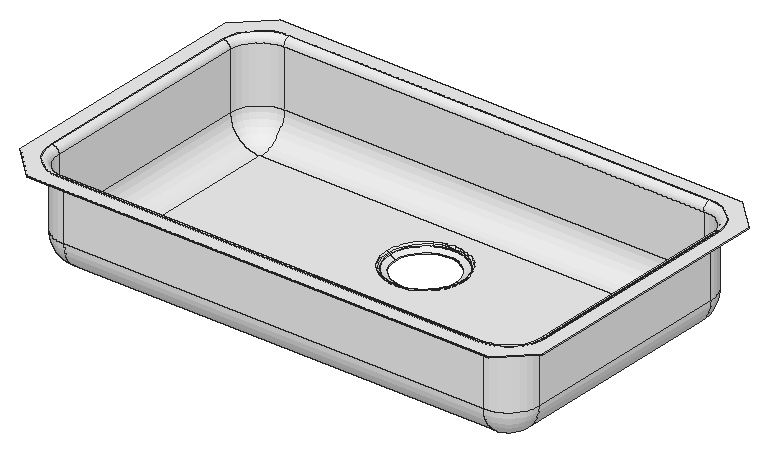
Revit family "ELUHAD281655", category Plumbing Fixtures, Revit 2019
Family settings
  Round Connector Dimension = Use Radius
  Part Type = Normal
  OmniClass Number = 23.45.05.14.14.27
  OmniClass Title = Service Sinks
  Work Plane-Based = No
  Always vertical = Yes
  Cut with Voids When Loaded = No
  Shared = No
  Room Calculation Point = No
Parameters (values of type "ELUHAD281655")
  URL = "www.elkayusa.com"
  Template Included = "Yes"
  Specification Sheet URL = ""
  Sound Deadening = "Bottom only pads"
  Sink Width = 1' - 6 1/2"
  Sink Material = Metal - Steel - Stainless - Chrome
  Sink Length = 2' - 6 1/2"
  Sink Ledge Sides Width = Sink Ledge Corner Width  # 0' - 1 1/4"
  Sink Ledge Front Width = Sink Ledge Corner Width  # 0' - 1 1/4"
  Sink Ledge Corner Width = 0' - 1 1/4"  # constant formula
  Sink Ledge Back Width = Sink Ledge Corner Width  # 0' - 1 1/4"
  Sink Dimensions = "30 1/2 inch x 18-1/2 inch x 5-3/8 inch"
  Sink Depth = 0' - 5 3/8"
  Sanitary Flow Rate = 10 GPM
  OmniClass Title = "Service Sinks"
  OmniClass Code = "23.45.05.14.14.27"
  Number of Bowls = "1"
  Nominal Radius = Nominal Dia / 2  # 0' - 0 3/4"
  Nominal Dia = 0' - 1 1/2"
  Mounting Hardware = "Undermount brackets sold separately"
  Model Number = ""
  Model = "Lustertone Undermount"
  Minimum Cabinet Size = "36 inch"
  Material = "304 Stainless Steel"
  MasterFormat Title = "Commercial Sinks"
  MasterFormat Number = "22.42.16.16"
  Manufacturer = "Elkay Manufacturing"
  Installation Type = "Undermount"
  Gauge = "18"
  Finish = "Lustrous Satin"
  Drain Size = "3-1/2 inch (89mm)"
  Drain Locations = "Rear Center"
  Drain Location = 0' - 5"
  Description = "Lustertone Single Bowl Sink"
  Deep Specification Sheet URL = ""
  Date Created = "10082021"  # constant formula
  Cutout Template # = "1000001414"
  CL Sink to CL Drain = 0' - 0"
  Bowl Width = (Sink Width - Sink Ledge Front Width - Sink Ledge Back Width)  # 1' - 4"
  Bowl Length = Sink Length - Sink Ledge Sides Width - Sink Ledge Sides Width  # 2' - 4"
  Bowl 1 Dimensions = "28 inch x 16 inch x 5-3/8 inch"
  Assembly Code = "D2010410"
Reference planes (in)
  plane 1 "CL Sink Hole": y = 3
  plane 2 "Top": z = 0
  plane 3 "Center (Left/Right)": x = 0
  plane 4 "Basin Edge Left": x = -14
  plane 5 "Basin Edge Right": x = 14
  plane 6 "Basin Edge Back": y = 8
  plane 7 "Basin Edge Front": y = -8
  plane 8 "Left": x = -15.25
  plane 9 "Right": x = 15.25
  plane 10 "Back": y = 9.25
  plane 11 "Front": y = -9.25
  plane 12 "Sink Angle Right": x = 12.78553
  plane 13 "Sink Angle Back": y = 6.78553
  plane 14 "Sink Angle Left": x = -12.78553
  plane 15 "Sink Angle Front": y = -6.78553
  plane 16 "Edge Radii Right": x = 14.42188
  plane 17 "Edge of Radii Left": x = -14.42187
  plane 18 "Sink Bowl Bottom (Top Face)": z = -5.375
  plane 19 "Sink Top Piece Bottom Face": z = -0.0625
  plane 20 "Top Radius Corner Prot": z = -0.42188
  plane 21: z = -3.6875
  plane 22 "Sink Bowl Bottom (Bottom Face)": z = -5.4375
  plane 23 "Left Sink Bottom Piece Left Edge": x = -12.3125
  plane 24 "Sink Bottom Piece Right Edge": x = 12.3125
  plane 25 "Sink Bottom Piece Back Edge": y = 6.3125
  plane 26 "Sink Bottom Piece Front Edge": y = -6.3125
  plane 27 "Center (Front/Back)": y = 0
  plane 28 "Bowl CL Drain": x = 0
  plane 29 "Edge Radii Front": y = -8.42187
  plane 30 "Right Sink Right Edge Radius": x = 12.25
  plane 31 "Front Edge Bottom Edge Radius": y = -6.25
  plane 32 "Back Edge Bottom Edge Radius": y = 6.25
  plane 33 "Edge Radii Back": y = 8.42187
  plane 34 "Left Bowl Bottom Edge Radius": x = -12.25
  plane 35 "Masking Region": z = 1.25157
  plane 36 "Sink Drain Elev Bottom": z = -6.875
  plane 37 "Sink Drain Elev Top": z = -6.625
  plane 38 "Top Radius Elev - 1-8": z = -0.10938
  plane 39 "Top Radius 1-8 Front": y = -8.10938
  plane 40 "Top Radius 1-8 Left": x = -14.10937
  plane 41 "Top Radius 1-8 Right": x = 14.10938
  plane 42 "Top Radius 1-8 Back": y = 8.10937
  plane 43 "Inside Radius Tangent Right": x = 12.97487
  plane 44 "Inside Radius Tangent Back": y = 6.97487
  plane 45 "Inside Radius Tangent Front": y = -6.97487
  plane 46 "Inside Radius Tangent Left": x = -12.97487
Forms (in)
  Extrusion 1, solid, material "Metal - Steel - Stainless - Chrome" <- "Sink Material"
    sketch origin (0, 0, 0) x (1, 0, 0) y (0, 1, 0)
      loop
        line (15.25, 7.49264) -> (13.49264, 9.25) -> (-13.49264, 9.25) -> (-15.25, 7.49264) -> (-15.25, -7.49264) -> (-13.49264, -9.25) -> (13.49264, -9.25) -> (15.25, -7.49264) -> (15.25, 7.49264)
      loop
        arc (-12.25, 8.42187) -> (-13.78575, 7.78575) -> (-14.42187, 6.25) r 2.17187
        line (-14.42187, 6.25) -> (-14.42188, -6.25)
        arc (-14.42188, -6.25) -> (-13.78575, -7.78575) -> (-12.25, -8.42188) r 2.17188
        line (-12.25, -8.42188) -> (12.25, -8.42188)
        arc (12.25, -8.42188) -> (13.78575, -7.78575) -> (14.42188, -6.25) r 2.17188
        line (14.42188, -6.25) -> (14.42188, 6.25)
        arc (14.42188, 6.25) -> (13.78575, 7.78575) -> (12.25, 8.42187) r 2.17188
        line (12.25, 8.42187) -> (-12.25, 8.42187)
    from -0.0625 to 0
  Extrusion 2, solid, material "Metal - Steel - Stainless - Chrome" <- "Sink Material"
    sketch origin (0, 0, 0) x (1, 0, 0) y (0, 1, 0)
      loop
        arc (-12.25, 6.3125) -> (-12.29419, 6.29419) -> (-12.3125, 6.25) r 0.0625
        line (-12.3125, 6.25) -> (-12.3125, -6.25)
        arc (-12.3125, -6.25) -> (-12.29419, -6.29419) -> (-12.25, -6.3125) r 0.0625
        line (-12.25, -6.3125) -> (12.25, -6.3125)
        arc (12.25, -6.3125) -> (12.29419, -6.29419) -> (12.3125, -6.25) r 0.0625
        line (12.3125, -6.25) -> (12.3125, 6.25)
        arc (12.3125, 6.25) -> (12.29419, 6.29419) -> (12.25, 6.3125) r 0.0625
        line (12.25, 6.3125) -> (-12.25, 6.3125)
      loop
        circle (0, 3) r 2.25
    from -5.4375 to -5.375
  Sweep 3, solid, material "Metal - Steel - Stainless - Chrome" <- "Sink Material"
    path origin (14.75, 0, -5.375) x (-1, 0, 0) y (0, -1, 0)
      loop
        circle (14.75, -3) r 2.25
    profile "profile-elkay-sink-hole-3 : profile-elkay-sink-hole-3" origin (0, 0.75, -5.375) x (0, 1, 0) y (0, 0, 1)
      loop
        line (0.5, -0.29111) -> (0.15646, -0.13437)
        arc (0.15646, -0.13437) -> (0.14249, -0.12559) -> (0.13131, -0.11346) r 0.0625
        line (0.13131, -0.11346) -> (0.08817, -0.05226)
        arc (0.08817, -0.05226) -> (0.05064, -0.01507) -> (0, 0) r 0.1086
        line (0, 0) -> (0, -0.04618)
        arc (0, -0.04618) -> (0.02621, -0.05419) -> (0.04646, -0.07265) r 0.0625
        line (0.04646, -0.07265) -> (0.09341, -0.13969)
        arc (0.09341, -0.13969) -> (0.11294, -0.16097) -> (0.13739, -0.17634) r 0.1086
        line (0.13739, -0.17634) -> (0.5, -0.34178) -> (0.5, -0.29111)
  Sweep 4, solid, material "Metal - Steel - Stainless - Chrome" <- "Sink Material"
    path origin (0, 0, 0) x (1, 0, 0) y (0, 1, 0)
      loop
        line (-12.25, -8) -> (12.25, -8)
        arc (12.25, -8) -> (13.48744, -7.48744) -> (14, -6.25) r 1.75
        line (14, -6.25) -> (14, 6.25)
        arc (14, 6.25) -> (13.48744, 7.48744) -> (12.25, 8) r 1.75
        line (12.25, 8) -> (-12.25, 8)
        arc (-12.25, 8) -> (-13.48744, 7.48744) -> (-14, 6.25) r 1.75
        line (-14, 6.25) -> (-14, -6.25)
        arc (-14, -6.25) -> (-13.48744, -7.48744) -> (-12.25, -8) r 1.75
    profile origin (0, -8, 0) x (0, 1, 0) y (0, 0, 1)
      loop
        arc (0, -0.42187) -> (-0.12356, -0.12356) -> (-0.42187, 0) r 0.42188
        line (-0.42187, 0) -> (-0.42187, -0.0625)
        arc (-0.42187, -0.0625) -> (-0.16776, -0.16776) -> (-0.0625, -0.42187) r 0.35938
        line (-0.0625, -0.42187) -> (-0.0625, -3.6875)
        arc (-0.0625, -3.6875) -> (0.45006, -4.92494) -> (1.6875, -5.4375) r 1.75
        line (1.6875, -5.4375) -> (1.6875, -5.375)
        arc (1.6875, -5.375) -> (0.49426, -4.88074) -> (0, -3.6875) r 1.6875
        line (0, -3.6875) -> (0, -0.42187)
  Extrusion 5, solid, material "Glass", not visible
    sketch origin (0, 0, -6.625) x (0, -1, 0) y (1, 0, 0)
      loop
        circle (-3, 0) r 0.75
    from -0.25 to 0
Cuts and joins
  joined: Extrusion 2, Sweep 3, Sweep 4
Lines and regions (in)
  Masking region 1
    outline origin (0, 0, 0) x (1, 0, 0) y (0, 1, 0)
      loop
        line (-14.42187, 6.25) -> (-14.42188, -6.25)
        arc (-14.42188, -6.25) -> (-13.78575, -7.78575) -> (-12.25, -8.42188) r 2.17188
        line (-12.25, -8.42188) -> (12.25, -8.42188)
        arc (12.25, -8.42188) -> (13.78575, -7.78575) -> (14.42188, -6.25) r 2.17188
        line (14.42188, -6.25) -> (14.42188, 6.25)
        arc (14.42188, 6.25) -> (13.78575, 7.78575) -> (12.25, 8.42187) r 2.17188
        line (12.25, 8.42187) -> (-12.25, 8.42187)
        arc (-12.25, 8.42187) -> (-13.78575, 7.78575) -> (-14.42187, 6.25) r 2.17187
  reference lines, not visible
    curve 1: arc (-0.625, 3, -3.6875) -> (-1.11926, 3, -4.88074) -> (-2.3125, 3, -5.375) r 1.6875
    curve 2: arc (-14, 3, -3.6875) -> (-13.50574, 3, -4.88074) -> (-12.3125, 3, -5.375) r 1.6875
    curve 3: arc (-0.625, 3, -0.42188) -> (-0.50144, 3, -0.12356) -> (-0.20313, 3, 0) r 0.42188
    curve 4: arc (0, -6.3125, -5.375) -> (0, -7.50574, -4.88074) -> (0, -8, -3.6875) r 1.6875
    curve 5: arc (0, -8, -0.42188) -> (0, -8.12356, -0.12356) -> (0, -8.42188, 0) r 0.42188
    curve 6: arc (12.3125, 6.25, 0) -> (12.29419, 6.29419, 0) -> (12.25, 6.3125, 0) r 0.0625
    curve 7: arc (12.3125, -6.25, 0) -> (12.29419, -6.29419, 0) -> (12.25, -6.3125, 0) r 0.0625
    curve 8: arc (14, 6.25, 1.25157) -> (13.48744, 7.48744, 1.25157) -> (12.25, 8, 1.25157) r 1.75
    curve 9: arc (14, -6.25, 1.25157) -> (13.48744, -7.48744, 1.25157) -> (12.25, -8, 1.25157) r 1.75
    curve 12: arc (-12.25, -6.3125, 0) -> (-12.29419, -6.29419, 0) -> (-12.3125, -6.25, 0) r 0.0625
    curve 13: arc (-12.25, 6.3125, 0) -> (-12.29419, 6.29419, 0) -> (-12.3125, 6.25, 0) r 0.0625
    curve 16: arc (-13.442, 7.53126, 1.25157) -> (-13.85445, 6.94875, 1.25157) -> (-14, 6.25, 1.25157) r 1.75
    curve 17: arc (-14, -6.25, 1.25157) -> (-13.48744, -7.48744, 1.25157) -> (-12.25, -8, 1.25157) r 1.75
    curve 18: circle (0, 3, -6.875) r 0.75 normal (0, 0, 1)
    curve 20: circle (0, 3, -5.375) r 1.75 normal (0, 0, 1)
    curve 29: arc (-12.25, 9.125, 1.25157) -> (-14.28293, 8.28293, 1.25157) -> (-15.125, 6.25, 1.25157) r 2.875
    curve 30: arc (14.75, 6.25, 1.25157) -> (14.01777, 8.01777, 1.25157) -> (12.25, 8.75, 1.25157) r 2.5
    curve 31: line (-12.97487, 8, 0) -> (-14, 6.97487, 0)
    curve 32: line (12.97487, 8, 0) -> (14, 6.97487, 0)
    curve 33: line (13.09745, 9.64519, 0) -> (15.69376, 7.04888, 0)
    curve 34: line (14, -6.97487, 0) -> (12.97487, -8, 0)
    curve 35: line (15.66329, -7.07936, 0) -> (13.11612, -9.62652, 0)
    curve 36: line (-14, -6.97487, 0) -> (-12.97487, -8, 0)
    curve 37: line (-15.84102, -6.90163, 0) -> (-13.39647, -9.34617, 0)
    curve 38: line (-13.04997, 9.69267, 0) -> (-15.65098, 7.09166, 0)
  reference lines
    curve 10: arc (14.42188, 6.25, 0) -> (13.78575, 7.78575, 0) -> (12.25, 8.42187, 0) r 2.17188
    curve 11: arc (-12.25, -8.42188, 0) -> (-13.78575, -7.78575, 0) -> (-14.42188, -6.25, 0) r 2.17188
    curve 14: arc (-12.25, 8.42187, 0) -> (-13.78575, 7.78575, 0) -> (-14.42187, 6.25, 0) r 2.17187
    curve 15: arc (14.42188, -6.25, 0) -> (13.78575, -7.78575, 0) -> (12.25, -8.42188, 0) r 2.17188
    curve 19: circle (0, 3, -5.375) r 2.25 normal (0, 0, 1)
    curve 21: circle (0, 3, -5.375) r 2.25 normal (0, 0, 1)
    curve 24: arc (0, -8, -0.10938) -> (0, -8.03204, -0.03204) -> (0, -8.10938, 0) r 0.10938
    curve 25: arc (14.10938, 6.25, 0) -> (13.56478, 7.56478, 0) -> (12.25, 8.10937, 0) r 1.85938
    curve 26: arc (-12.25, 8.10937, 0) -> (-13.56478, 7.56478, 0) -> (-14.10938, 6.25, 0) r 1.85938
    curve 27: arc (-12.25, -8.10938, 0) -> (-13.56478, -7.56478, 0) -> (-14.10938, -6.25, 0) r 1.85938
    curve 28: arc (14.10938, -6.25, 0) -> (13.56478, -7.56478, 0) -> (12.25, -8.10938, 0) r 1.85938
  symbolic lines, style "Sinks"
    curve 22: circle (0, 3, -5.375) r 2.25 normal (0, 0, 1)
    curve 23: circle (0, 3, -5.375) r 1.75 normal (0, 0, 1)
    curve 39: line (-12.25, 8, 0) -> (12.25, 8, 0)
    curve 40: line (14, 6.25, 0) -> (14, -6.25, 0)
    curve 41: line (-12.25, -8, 0) -> (12.25, -8, 0)
    curve 42: line (-14, 6.25, 0) -> (-14, -6.25, 0)
    curve 43: arc (14, 6.25, 0) -> (13.48744, 7.48744, 0) -> (12.25, 8, 0) r 1.75
    curve 44: arc (-12.25, 8, 0) -> (-13.48744, 7.48744, 0) -> (-14, 6.25, 0) r 1.75
    curve 45: arc (-14, -6.25, 0) -> (-13.48744, -7.48744, 0) -> (-12.25, -8, 0) r 1.75
    curve 46: arc (14, -6.25, 0) -> (13.48744, -7.48744, 0) -> (12.25, -8, 0) r 1.75
Dimensions and locks (in)
  "Sink Ledge Sides Width": plane 8 "Left" to plane 4 "Basin Edge Left"
  "Sink Ledge Sides Width": plane 5 "Basin Edge Right" to plane 9 "Right"
  "Sink Length": plane 8 "Left" to plane 9 "Right"
  "Drain Location": plane 6 "Basin Edge Back" to plane 1 "CL Sink Hole"
  "Sink Ledge Back Width": plane 10 "Back" to plane 6 "Basin Edge Back"
  "Sink Ledge Front Width": plane 7 "Basin Edge Front" to plane 11 "Front"
  plane 12 "Sink Angle Right" to plane 9 "Right" = 0' - 2.46447"
  plane 10 "Back" to plane 13 "Sink Angle Back" = 0' - 2.46447"
  plane 8 "Left" to plane 14 "Sink Angle Left" = 0' - 2.46447"
  plane 15 "Sink Angle Front" to plane 11 "Front" = 0' - 2.46447"
  "Sink Width": plane 10 "Back" to plane 11 "Front"
  locked: plane 17 "Edge of Radii Left" to plane 4 "Basin Edge Left" at 0.42188
  locked: plane 26 "Sink Bottom Piece Front Edge" to plane 7 "Basin Edge Front" at 1.6875
  locked: plane 4 "Basin Edge Left" to plane 23 "Left Sink Bottom Piece Left Edge" at 1.6875
  locked: plane 24 "Sink Bottom Piece Right Edge" to plane 5 "Basin Edge Right" at 1.6875
  locked: plane 6 "Basin Edge Back" to plane 25 "Sink Bottom Piece Back Edge" at 1.6875
  locked: plane 5 "Basin Edge Right" to plane 16 "Edge Radii Right" at 0.42188
  equal spacing: plane 10 "Back", plane 27 "Center (Front/Back)", plane 11 "Front"
  equal spacing: plane 8 "Left", plane 3 "Center (Left/Right)", plane 9 "Right"
  "CL Sink to CL Drain": plane 3 "Center (Left/Right)" to plane 28 "Bowl CL Drain"
  locked: plane 30 "Right Sink Right Edge Radius" to plane 24 "Sink Bottom Piece Right Edge" at 0.0625
  locked: plane 31 "Front Edge Bottom Edge Radius" to plane 26 "Sink Bottom Piece Front Edge" at 0.0625
  locked: plane 25 "Sink Bottom Piece Back Edge" to plane 32 "Back Edge Bottom Edge Radius" at 0.0625
  locked: plane 33 "Edge Radii Back" to plane 6 "Basin Edge Back" at 0.42188
  locked: plane 7 "Basin Edge Front" to plane 29 "Edge Radii Front" at 0.42187
  locked: plane 23 "Left Sink Bottom Piece Left Edge" to plane 34 "Left Bowl Bottom Edge Radius" at 0.0625
  "Sink Depth": plane 2 "Top" to plane 18 "Sink Bowl Bottom (Top Face)"
  locked: plane 2 "Top" to plane 20 "Top Radius Corner Prot" at 0.42188
  locked: plane 2 "Top" to plane 19 "Sink Top Piece Bottom Face" at 0.0625
  locked: plane 21 to plane 18 "Sink Bowl Bottom (Top Face)" at 1.6875
  locked: plane 18 "Sink Bowl Bottom (Top Face)" to plane 22 "Sink Bowl Bottom (Bottom Face)" at 0.0625
  locked: plane 35 "Masking Region" to plane 2 "Top" at 1.25157
  locked: plane 18 "Sink Bowl Bottom (Top Face)" to plane 36 "Sink Drain Elev Bottom" at 1.5
  locked: plane 37 "Sink Drain Elev Top" to plane 36 "Sink Drain Elev Bottom" at 0.25
  locked: plane 39 "Top Radius 1-8 Front" to plane 7 "Basin Edge Front" at 0.10938
  locked: plane 2 "Top" to plane 38 "Top Radius Elev - 1-8" at 0.10938
  locked: plane 40 "Top Radius 1-8 Left" to plane 4 "Basin Edge Left" at 0.10938
  locked: plane 5 "Basin Edge Right" to plane 41 "Top Radius 1-8 Right" at 0.10938
  locked: plane 42 "Top Radius 1-8 Back" to plane 6 "Basin Edge Back" at 0.10938
  locked: plane 32 "Back Edge Bottom Edge Radius" to plane 44 "Inside Radius Tangent Back" at 0.72487
  locked: plane 30 "Right Sink Right Edge Radius" to plane 43 "Inside Radius Tangent Right" at 0.72487
  locked: plane 45 "Inside Radius Tangent Front" to plane 31 "Front Edge Bottom Edge Radius" at 0.72487
  locked: plane 46 "Inside Radius Tangent Left" to plane 34 "Left Bowl Bottom Edge Radius" at 0.72487
  "Sink Ledge Corner Width": curve 32 to curve 33
  "Sink Ledge Corner Width": curve 34 to curve 35
  "Sink Ledge Corner Width": curve 37 to curve 36
  "Sink Ledge Corner Width": curve 38 to curve 31
  plane 10 "Back" to plane 11 "Front" = 1' - 6 1/2"
  plane 8 "Left" to plane 9 "Right" = 2' - 6 1/2"
  "Nominal Radius": radius of curve 18
  aligned: Extrusion 1 to plane 19 "Sink Top Piece Bottom Face"
  aligned: Extrusion 2 to plane 18 "Sink Bowl Bottom (Top Face)"
  aligned and locked: Extrusion 2 to plane 22 "Sink Bowl Bottom (Bottom Face)"
  aligned and locked: plane 18 "Sink Bowl Bottom (Top Face)" to Extrusion 2
  aligned and locked: Extrusion 2 sketch curve to curve 7
  aligned and locked: Extrusion 2 sketch curve to curve 6
  aligned and locked: Sweep 4 sketch curve to curve 8
  aligned and locked: Sweep 4 sketch curve to curve 9
  aligned and locked: Sweep 4 sketch curve to curve 4
  aligned and locked: Extrusion 1 sketch curve to plane 9 "Right"
  aligned and locked: Extrusion 1 sketch curve to plane 10 "Back"
  aligned and locked: Extrusion 1 sketch curve to plane 8 "Left"
  aligned and locked: Extrusion 1 sketch curve to plane 11 "Front"
  aligned and locked: plane 2 "Top" to Extrusion 1
  aligned and locked: Extrusion 1 to plane 19 "Sink Top Piece Bottom Face"
  aligned and locked: Extrusion 5 sketch curve to curve 18
  aligned and locked: Extrusion 5 to plane 36 "Sink Drain Elev Bottom"
  aligned and locked: plane 37 "Sink Drain Elev Top" to Extrusion 5
  aligned and locked: Sweep 4 sketch curve to curve 16
  aligned and locked: Sweep 4 sketch curve to curve 17
  aligned and locked: Extrusion 2 sketch curve to curve 13
  aligned and locked: Extrusion 2 sketch curve to curve 12
  aligned and locked: Sweep 3 sketch curve to curve 19
  aligned and locked: Extrusion 2 sketch curve to curve 19
  aligned and locked: curve 22 to curve 21
  aligned and locked: curve 23 to curve 20
  aligned and locked: curve 33 to Extrusion 1 sketch curve
  aligned and locked: curve 35 to Extrusion 1 sketch curve
  aligned and locked: curve 37 to Extrusion 1 sketch curve
  aligned and locked: curve 38 to Extrusion 1 sketch curve
  aligned and locked: Masking region 1 sketch curve to curve 10
  aligned and locked: Masking region 1 sketch curve to curve 14
  aligned and locked: Masking region 1 sketch curve to curve 11
  aligned and locked: Masking region 1 sketch curve to curve 15
  aligned and locked: curve 43 to curve 8
  aligned and locked: curve 44 to curve 16
  aligned and locked: curve 45 to curve 17
  aligned and locked: curve 46 to curve 9
  aligned and locked: Sweep 4 sketch curve to curve 5
  aligned and locked: Sweep 4 sketch curve to plane 29 "Edge Radii Front"
  aligned and locked: Extrusion 1 sketch curve to curve 14
  aligned and locked: Extrusion 1 sketch curve to curve 11
  aligned and locked: Extrusion 1 sketch curve to curve 15
  aligned and locked: Extrusion 1 sketch curve to curve 10
Automatic sketch dimensions
  curve 2 to plane 4 "Basin Edge Left" = 0' - 0"
  curve 2 to plane 21 = 0' - 0"
  curve 2 to plane 23 "Left Sink Bottom Piece Left Edge" = 0' - 0"
  curve 1 to plane 18 "Sink Bowl Bottom (Top Face)" = 0' - 0"
  curve 3 to plane 20 "Top Radius Corner Prot" = 0' - 0"
  curve 1 to plane 21 = 0' - 0"
  plane 1 "CL Sink Hole" to curve 18 = 0' - 0"
  curve 18 to plane 28 "Bowl CL Drain" = 0' - 0"
  curve 3 to level = 0' - 0"
  curve 1 to plane 3 "Center (Left/Right)" = 0' - 2 5/16"
  curve 3 to plane 3 "Center (Left/Right)" = 0' - 0 5/8"
  curve 19 to curve 20 = 0' - 0"  (x2)
  curve 19 to curve 21 = 0' - 0"  (x2)
  curve 20 to curve 21 = 0' - 0"  (x2)
  plane 1 "CL Sink Hole" to curve 20 = 0' - 0"
  curve 20 to plane 28 "Bowl CL Drain" = 0' - 0"
  curve 8 to plane 5 "Basin Edge Right" = 0' - 0"
  curve 16 to plane 4 "Basin Edge Left" = 0' - 0"
  curve 17 to plane 4 "Basin Edge Left" = 0' - 0"
  curve 9 to plane 5 "Basin Edge Right" = 0' - 0"
  curve 5 to level = 0' - 0"
  curve 5 to plane 29 "Edge Radii Front" = 0' - 0"
  curve 24 to plane 38 "Top Radius Elev - 1-8" = 0' - 0"
  curve 24 to plane 39 "Top Radius 1-8 Front" = 0' - 0"
  curve 5 to plane 7 "Basin Edge Front" = 0' - 0"
  curve 4 to plane 7 "Basin Edge Front" = 0' - 0"
  curve 24 to plane 7 "Basin Edge Front" = 0' - 0"
  curve 4 to plane 21 = 0' - 0"
  curve 4 to plane 26 "Sink Bottom Piece Front Edge" = 0' - 0"
  Sweep 4 sketch curve to Sweep 4 sketch curve = 0' - 0"  (x2)
  curve 8 to curve 30 = 0' - 0"  (x4)
  plane 5 "Basin Edge Right" to curve 30 = 0' - 0 3/4"
  curve 6 to curve 10 = 0' - 0"  (x2)
  curve 6 to curve 25 = 0' - 0"  (x2)
  curve 7 to curve 15 = 0' - 0"  (x2)
  curve 7 to curve 28 = 0' - 0"  (x2)
  curve 10 to curve 25 = 0' - 0"  (x2)
  curve 11 to curve 12 = 0' - 0"  (x2)
  curve 11 to curve 27 = 0' - 0"  (x2)
  curve 12 to curve 27 = 0' - 0"  (x2)
  curve 13 to curve 14 = 0' - 0"  (x2)
  curve 13 to curve 26 = 0' - 0"  (x2)
  curve 14 to curve 26 = 0' - 0"  (x2)
  curve 15 to curve 28 = 0' - 0"  (x2)
  curve 14 to plane 17 "Edge of Radii Left" = 0' - 0"
  curve 11 to plane 17 "Edge of Radii Left" = 0' - 0"
  plane 32 "Back Edge Bottom Edge Radius" to curve 26 = 0' - 0"
  curve 26 to plane 40 "Top Radius 1-8 Left" = 0' - 0"
  plane 31 "Front Edge Bottom Edge Radius" to curve 27 = 0' - 0"
  curve 27 to plane 40 "Top Radius 1-8 Left" = 0' - 0"
  curve 31 to plane 4 "Basin Edge Left" = 0' - 0"
  curve 36 to plane 4 "Basin Edge Left" = 0' - 0"
  curve 31 to plane 6 "Basin Edge Back" = 0' - 0"
  curve 31 to plane 46 "Inside Radius Tangent Left" = 0' - 0"
  curve 36 to plane 7 "Basin Edge Front" = 0' - 0"
  curve 36 to plane 46 "Inside Radius Tangent Left" = 0' - 0"
  curve 12 to plane 23 "Left Sink Bottom Piece Left Edge" = 0' - 0"
  curve 13 to plane 23 "Left Sink Bottom Piece Left Edge" = 0' - 0"
  curve 13 to plane 34 "Left Bowl Bottom Edge Radius" = 0' - 0"
  curve 12 to plane 26 "Sink Bottom Piece Front Edge" = 0' - 0"
  curve 25 to plane 30 "Right Sink Right Edge Radius" = 0' - 0"
  curve 15 to plane 29 "Edge Radii Front" = 0' - 0"
  curve 15 to plane 30 "Right Sink Right Edge Radius" = 0' - 0"
  curve 7 to plane 24 "Sink Bottom Piece Right Edge" = 0' - 0"
  curve 6 to plane 24 "Sink Bottom Piece Right Edge" = 0' - 0"
  curve 34 to plane 7 "Basin Edge Front" = 0' - 0"
  curve 34 to plane 43 "Inside Radius Tangent Right" = 0' - 0"
  curve 32 to plane 6 "Basin Edge Back" = 0' - 0"
  curve 32 to plane 43 "Inside Radius Tangent Right" = 0' - 0"
  curve 34 to plane 5 "Basin Edge Right" = 0' - 0"
  curve 32 to plane 5 "Basin Edge Right" = 0' - 0"
  plane 32 "Back Edge Bottom Edge Radius" to curve 25 = 0' - 0"
  curve 25 to plane 41 "Top Radius 1-8 Right" = 0' - 0"
  plane 31 "Front Edge Bottom Edge Radius" to curve 28 = 0' - 0"
  curve 28 to plane 41 "Top Radius 1-8 Right" = 0' - 0"
  curve 10 to plane 16 "Edge Radii Right" = 0' - 0"
  plane 45 "Inside Radius Tangent Front" to curve 34 = 0' - 0"
  plane 45 "Inside Radius Tangent Front" to curve 36 = 0' - 0"
  curve 32 to plane 44 "Inside Radius Tangent Back" = 0' - 0"
  curve 31 to plane 44 "Inside Radius Tangent Back" = 0' - 0"
  plane 44 "Inside Radius Tangent Back" to curve 38 = 0' - 0.11679"
  curve 37 to plane 45 "Inside Radius Tangent Front" = 0' - 0.07325"
  curve 37 to plane 11 "Front" = 0' - 0.09617"
  curve 38 to plane 46 "Inside Radius Tangent Left" = 0' - 0.0751"
  curve 33 to plane 43 "Inside Radius Tangent Right" = 0' - 0.12257"
  curve 35 to plane 43 "Inside Radius Tangent Right" = 0' - 0.14124"
  plane 45 "Inside Radius Tangent Front" to curve 35 = 0' - 0.10448"
  plane 44 "Inside Radius Tangent Back" to curve 33 = 0' - 0.074"
  curve 16 to curve 29 = 0' - 0"  (x2)
  plane 32 "Back Edge Bottom Edge Radius" to curve 16 = 0' - 0"
  curve 16 to plane 34 "Left Bowl Bottom Edge Radius" = 0' - 0"
  curve 16 to plane 46 "Inside Radius Tangent Left" = 0' - 0.46713"
  plane 8 "Left" to curve 29 = 0' - 0 1/8"
  plane 31 "Front Edge Bottom Edge Radius" to curve 17 = 0' - 0"
  curve 17 to plane 34 "Left Bowl Bottom Edge Radius" = 0' - 0"
  curve 9 to plane 7 "Basin Edge Front" = 0' - 0"
  curve 9 to plane 30 "Right Sink Right Edge Radius" = 0' - 0"
  curve 8 to plane 6 "Basin Edge Back" = 0' - 0"
  curve 8 to plane 30 "Right Sink Right Edge Radius" = 0' - 0"
  profile plane to Sweep 4 sketch curve = 0' - 0 1/16"
  radius of curve 19 = 0' - 2 1/4"
  radius of curve 20 = 0' - 1 3/4"
  radius of curve 21 = 0' - 2 1/4"
Connectors (in)
  piping at (0, 3, -6.625), diameter 1.5, driven by "Nominal Radius", driven by "Sanitary Flow Rate"
    settings: on Extrusion 5, index 2, connector inside diameter 1 1/2", connector length 0' - 0", flow factor 0, pipe flow 10 GPM, pressure drop 0.00 psi, fitting loss kfactor 0, connector angle 0.00°, fixture units 0, engagement length 0' - 0", angle of deflection 0.00°, flow configuration 1, flow direction 2, fitting loss method 0, system type 16, joint type 0, gender type 0, connector reference index -1, connector utility 0, adjustable connector yes, is connector primary yes, connector description "Sink Drain Right"
